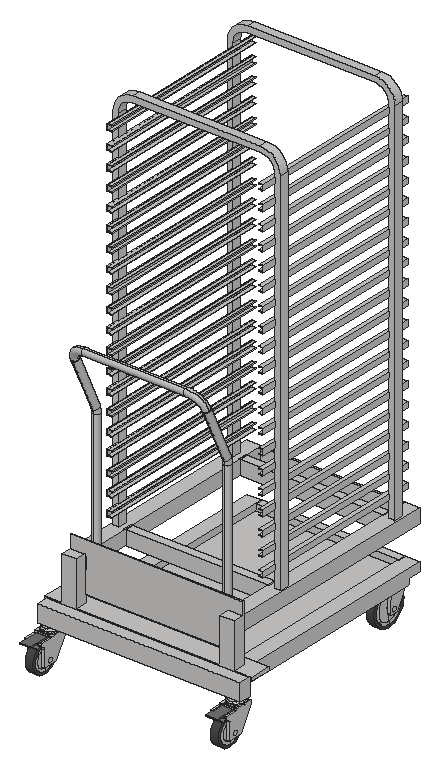
Revit family "QF_ELECTROLUXPROFESSIONAL_922757_TRRA202163C", category Specialty Equipment, Revit 2018
Family settings
  Round Connector Dimension = Use Diameter
  Part Type = Normal
  Work Plane-Based = No
  Always vertical = Yes
  Cut with Voids When Loaded = No
  Shared = No
  Room Calculation Point = No
Parameters (values of type "Standard")
  Weight = 62.00 kg
  Watts = 0 W
  Volts = 0 V
  URL Manufacturer = "http://professional.electrolux.com"
  URL = "http://professional.electrolux.com"
  Steam Supply Size = 0 mm
  Steam Supply Minimum Pressure = 0.0 Pa
  Steam Supply Maximum Pressure = 0.0 Pa
  Steam Pounds per Hour = 0
  Refrigeration Suction Line Size = 0 mm
  Refrigeration Liquid Line Size = 0 mm
  Refrigerant Compressor Remote = yes
  Manufacturer = "Electrolux Professional"
  Phase = 0
  Model = "TRRA202163C"
  Length Actual = 716.0 mm  # constant formula
  Item Number = "922757"
  Hot Water Size = 0 mm
  Height Actual = 1700.0 mm  # constant formula
  HP = "0 HP"
  Gas Size = 0 mm
  Gas KW = 0
  Gas Input Pressure = 0 W
  Description = "TROLLEY TRAY RACK 20 GN 2/1 - 63MM PITCH"
  Depth Actual = 926.0 mm  # constant formula
  Cycle = 0 Hz
  Condensate Return Size = 0 mm
  Compressed Air Volume = 0.0 L/s
  Compressed Air Size = 0 mm
  Compressed Air Pressure = 0.0 Pa
  Cold Water Size = 0 mm
  Accessory = yes
Reference planes
  plane 1 "Center (Front/Back)": y = 0
  plane 2: z = 0
  plane 3 "Center (Left/Right)": x = 0
  plane 4 "BASE": z = 125
  plane 5 "TOP": z = 1700
  plane 6 "FRONT": y = -505.5
  plane 7 "BACK": y = 423.5
  plane 8 "PLANE": z = 160
  plane 9 "Manopola": through (4267.2, -378.699, 929.588) normal (0, 0.9063, 0.4226)
  plane 10 "Accessorioes": z = 647
  plane 11: y = 414.5
  plane 12 "M1": y = 342.719
  plane 13 "M2": y = -151.123
  plane 14: z = 1052
  plane 15 "man1": x = -226.75
  plane 16 "man2": x = 226.25
  plane 17: y = -439.495
  plane 18: y = 341.505
  plane 19: x = -358
  plane 20: x = 358
Forms (mm)
  Sweep 1, solid, material "QF_Finishes_Stainless Steel"
    path origin (0, -51.81, 230.029) x (0, -0.422618, 0.906308) y (1, 0, 0)
      loop
        line (840.501, 226.25) -> (843.657, 226.25)
        arc (843.657, 226.25) -> (879.012, 211.605) -> (893.657, 176.25) r 50
        line (893.657, 176.25) -> (893.657, -176.75)
        arc (893.657, -176.75) -> (879.012, -212.105) -> (843.657, -226.75) r 50
        line (843.657, -226.75) -> (840.501, -226.75)
    profile origin (-0.25, -429.485, 1039.957) x (0, -0.422618, 0.906308) y (0, 0.906308, 0.422618)
      loop
        circle (0, -0.616) r 12
  Extrusion 2, solid, material "QF_Finishes_Stainless Steel"
    sketch origin (0, 0, 0) x (0, 1, 0) y (0, 0, 1)
      loop
        line (-375.959, 193.5) -> (-415.959, 193.5) -> (-415.959, 133.5) -> (-375.959, 133.5) -> (-375.959, 193.5)
    from -350 to 350
  Extrusion 3, solid, material "QF_Finishes_Stainless Steel"
    sketch origin (0, 0, 160) x (0, 1, 0) y (-1, 0, 0)
      loop
        line (-375.959, -297.5) -> (-335.959, -297.5) -> (-335.959, -247.5) -> (-375.959, -247.5) -> (-375.959, -297.5)
      loop
        line (-375.959, 297.5) -> (-375.959, 247.5) -> (-335.959, 247.5) -> (-335.959, 297.5) -> (-375.959, 297.5)
    from 21 to 188.703
  Extrusion 4, solid, material "QF_Finishes_Stainless Steel"
    sketch origin (0, 0, 160) x (0, 1, 0) y (-1, 0, 0)
      loop
        line (423.5, -246.5) -> (-334.855, -246.5) -> (-334.855, -297.522) -> (423.5, -297.522) -> (423.5, -246.5)
      loop
        line (423.5, 246.5) -> (423.5, 297.522) -> (-335.959, 297.522) -> (-335.959, 246.5) -> (423.5, 246.5)
    from 139.5 to 189.5
  Extrusion 5, solid, material "QF_Finishes_Stainless Steel"
    sketch origin (0, 0, 0) x (0, 1, 0) y (0, 0, 1)
      loop
        line (423.241, 150.5) -> (423.241, 181) -> (-375.959, 181) -> (-375.959, 129.5) -> (371.859, 129.5)
        spline (371.859, 129.5) -> (372.504, 129.543) -> (373.138, 129.671) -> (373.751, 129.881) -> (374.331, 130.171) -> (374.869, 130.535) -> (375.355, 130.967) -> (375.781, 131.459) -> (376.14, 132.004) -> (376.425, 132.591) -> (376.633, 133.211) -> (376.758, 133.853) -> (376.8, 134.506)
        line (376.8, 134.506) -> (376.8, 145.488)
        spline (376.8, 145.488) -> (376.84, 146.141) -> (376.965, 146.784) -> (377.172, 147.405) -> (377.458, 147.993) -> (377.816, 148.538) -> (378.243, 149.031) -> (378.729, 149.464) -> (379.267, 149.828) -> (379.847, 150.118) -> (380.46, 150.329) -> (381.095, 150.457) -> (381.741, 150.5)
        line (381.741, 150.5) -> (423.241, 150.5)
    from 297.522 to 247.5
  Extrusion 6, solid, material "QF_Finishes_Stainless Steel"
    sketch origin (0, 0, 0) x (0, 1, 0) y (0, 0, -1)
      loop
        line (423.241, -150.5) -> (381.741, -150.5)
        spline (381.741, -150.5) -> (381.095, -150.457) -> (380.46, -150.329) -> (379.847, -150.118) -> (379.267, -149.828) -> (378.729, -149.464) -> (378.243, -149.031) -> (377.816, -148.538) -> (377.458, -147.993) -> (377.172, -147.405) -> (376.965, -146.784) -> (376.84, -146.141) -> (376.8, -145.488)
        line (376.8, -145.488) -> (376.8, -134.506)
        spline (376.8, -134.506) -> (376.758, -133.853) -> (376.633, -133.211) -> (376.425, -132.591) -> (376.14, -132.004) -> (375.781, -131.459) -> (375.355, -130.967) -> (374.869, -130.535) -> (374.331, -130.171) -> (373.751, -129.881) -> (373.138, -129.671) -> (372.504, -129.543) -> (371.859, -129.5)
        line (371.859, -129.5) -> (-375.959, -129.5) -> (-375.959, -181) -> (423.241, -181) -> (423.241, -150.5)
    from 297.522 to 247.5
  Extrusion 7, solid, material "QF_Finishes_Stainless Steel"
    sketch origin (0, 0, 0) x (0, 1, 0) y (0, 0, 1)
      loop
        line (414.5, 299.5) -> (423.5, 299.5) -> (423.5, 349.5) -> (414.5, 349.5) -> (414.5, 299.5)
    from -246.5 to 246.5
  Extrusion 8, solid, material "QF_Finishes_Stainless Steel"
    sketch origin (0, 0, 0) x (0, 1, 0) y (0, 0, 1)
      loop
        line (-166.123, 299.5) -> (-136.123, 299.5) -> (-136.123, 349.5) -> (-166.123, 349.5) -> (-166.123, 299.5)
      loop
        line (357.719, 349.5) -> (327.719, 349.5) -> (327.719, 299.5) -> (357.719, 299.5) -> (357.719, 349.5)
    from -250.75 to 246.5
  Sweep 9, solid, material "QF_Finishes_Stainless Steel"
    path origin (-226.75, 0, 0) x (0, 1, 0) y (0, 0, 1)
      loop
        line (-407.579, 991.521) -> (-320.757, 805.332)
        arc (-320.757, 805.332) -> (-317.538, 795.848) -> (-316.447, 785.891) r 46
        line (-316.447, 785.891) -> (-316.447, 345.5)
    profile origin (-226.75, -364.168, 898.426) x (0, 0.906308, 0.422618) y (1, 0, 0)
      loop
        circle (0, 0) r 12
  Sweep 10, solid, material "QF_Finishes_Stainless Steel"
    path origin (226.25, 0, 0) x (0, 1, 0) y (0, 0, 1)
      loop
        line (-407.579, 991.521) -> (-320.757, 805.332)
        arc (-320.757, 805.332) -> (-317.538, 795.848) -> (-316.447, 785.891) r 46
        line (-316.447, 785.891) -> (-316.447, 299.5)
    profile origin (226.25, -364.168, 898.426) x (0, 0.906308, 0.422618) y (1, 0, 0)
      loop
        circle (0, 0) r 12
  Extrusion 11, solid, material "QF_Finishes_Stainless Steel"
    sketch origin (0, -3.54, 125) x (-1, 0, 0) y (0, -1, 0)
      loop
        line (297.729, 331.46) -> (297.729, 335.959) -> (-297.5, 335.959) -> (-297.5, 331.46) -> (297.729, 331.46)
    from 102.147 to 267.893
  Extrusion 12, solid, material "QF_Finishes_Stainless Steel"
    sketch origin (0, 0, 0) x (0, 1, 0) y (0, 0, 1)
      loop
        line (-331.381, 299.5) -> (-298.959, 299.5) -> (-298.959, 349.5) -> (-331.381, 349.5) -> (-331.381, 299.5)
    from -246.5 to 246.5
  Extrusion 13, solid, material "QF_Finishes_Stainless Steel"
    sketch origin (0, 0, 125) x (-1, 0, 0) y (0, -1, 0)
      loop
        line (247.5, -423.5) -> (247.5, 375.959) -> (-247.5, 375.959) -> (-247.5, -423.5) -> (247.5, -423.5)
    from 35 to 25.5
  Sweep 14, solid, material "QF_Finishes_Stainless Steel"
    path origin (0, 342.719, 0) x (0, 0, 1) y (-1, 0, 0)
      loop
        line (347.889, 279.647) -> (1630, 279.647)
        arc (1630, 279.647) -> (1672.426, 262.073) -> (1690, 219.647) r 60
        line (1690, 219.647) -> (1690, -219.168)
        arc (1690, -219.168) -> (1672.426, -261.594) -> (1630, -279.168) r 60
        line (1630, -279.168) -> (347.889, -279.168)
    profile origin (-0.24, 342.719, 1690) x (0, 0, 1) y (0, -1, 0)
      loop
        line (10, -14.995) -> (10, 14.995) -> (-10, 14.995) -> (-10, -14.995) -> (10, -14.995)
  Sweep 15, solid, material "QF_Finishes_Stainless Steel"
    path origin (0, -151.123, 0) x (0, 0, 1) y (-1, 0, 0)
      loop
        line (347.889, 279.647) -> (1630, 279.647)
        arc (1630, 279.647) -> (1672.426, 262.073) -> (1690, 219.647) r 60
        line (1690, 219.647) -> (1690, -219.168)
        arc (1690, -219.168) -> (1672.426, -261.594) -> (1630, -279.168) r 60
        line (1630, -279.168) -> (347.889, -279.168)
    profile origin (-0.24, -151.123, 1690) x (0, 0, 1) y (0, -1, 0)
      loop
        line (10, -14.995) -> (10, 14.995) -> (-10, 14.995) -> (-10, -14.995) -> (10, -14.995)
  Revolve 16, solid, material "QF_Finishes_Stainless Steel"
    sketch origin (0, 23.407, 0) x (0, 1, 0) y (0, 0, 1)
      loop
        line (94.159, 150.5) -> (72.905, 150.5) -> (72.905, 87.019) -> (85.159, 87.019) -> (85.159, 111.019) -> (94.159, 127.019) -> (94.159, 150.5)
      axis (72.905, 150.5) -> (72.905, 87.019)
    angle from 0 to 360
  Extrusion 17, solid, material "QF_Finishes_Stainless Steel"
    sketch origin (0, 93.949, 0) x (0, 1, 0) y (0, 0, 1)
      loop
        line (329.551, 160) -> (329.551, 181) -> (302.267, 181) -> (302.267, 160) -> (329.551, 160)
    from -246.5 to 246.5
  Extrusion 18, solid, material "QF_Finishes_Stainless Steel"
    sketch origin (0, 0, 0) x (0, 1, 0) y (0, 0, 1)
      loop
        line (-303.216, 195.424) -> (-375.959, 195.424) -> (-375.959, 185.203) -> (-303.216, 185.203) -> (-303.216, 195.424)
    from -358 to 358
  Extrusion 19, void
    sketch origin (0, 0, 125) x (-1, 0, 0) y (0, -1, 0)
      loop
        circle (0, -96.312) r 21.254
    from 25.5 to 87.797
Cuts and joins
  joined: Sweep 1, Sweep 9, Sweep 10
  Extrusion 19 cuts Revolve 16
  Extrusion 19 cuts Extrusion 13
  joined: Extrusion 3, Extrusion 5, Extrusion 6, Extrusion 11, Extrusion 13, Extrusion 17, Extrusion 18
Lines and regions (mm)
  symbolic lines
    curve 1: line (301, -471.06, 125) -> (291.478, -471.06, 125)
    curve 2: line (291.478, -471.06, 125) -> (291.478, -415.959, 125)
    curve 3: line (301, -417.738, 125) -> (301, -505.5, 125)
    curve 4: line (301, -505.5, 125) -> (339, -505.5, 125)
    curve 5: line (339, -505.5, 125) -> (339, -417.738, 125)
    curve 6: line (291.478, -430.06, 125) -> (348.522, -430.06, 125)
    curve 7: line (301, -435.203, 125) -> (339, -435.203, 125)
    curve 8: line (348.522, -433, 125) -> (351.97, -433, 125)
    curve 9: line (351.97, -433, 125) -> (351.97, -445.99, 125)
    curve 10: line (351.97, -445.99, 125) -> (348.522, -445.99, 125)
    curve 11: line (351.97, -439.495, 125) -> (348.522, -439.495, 125)
    curve 12: line (291.478, -433, 125) -> (288.03, -433, 125)
    curve 13: line (288.03, -433, 125) -> (288.03, -445.99, 125)
    curve 14: line (288.03, -445.99, 125) -> (291.478, -445.99, 125)
    curve 15: line (288.03, -439.495, 125) -> (291.478, -439.495, 125)
    curve 16: line (348.522, -375.959, 125) -> (348.522, -367.995, 125)
    curve 17: line (348.522, -367.995, 125) -> (297.522, -367.995, 125)
    curve 18: line (301, -367.995, 125) -> (301, -375.253, 125)
    curve 19: line (339, -367.995, 125) -> (339, -375.253, 125)
    curve 20: arc (339.762, -375.959, 125) -> (320, -367.995, 125) -> (300.238, -375.959, 125) r 28.5
    curve 21: arc (299.182, -415.959, 125) -> (320, -424.995, 125) -> (340.818, -415.959, 125) r 28.5
    curve 22: line (339, -471.215, 125) -> (348.522, -471.215, 125)
    curve 23: line (348.522, -471.215, 125) -> (348.522, -415.959, 125)
    curve 24: line (-301, -471.06, 125) -> (-291.478, -471.06, 125)
    curve 25: line (-291.478, -471.06, 125) -> (-291.478, -415.959, 125)
    curve 26: line (-301, -417.738, 125) -> (-301, -505.5, 125)
    curve 27: line (-301, -505.5, 125) -> (-339.229, -505.5, 125)
    curve 28: line (-339.229, -505.5, 125) -> (-339.229, -417.531, 125)
    curve 29: line (-291.478, -430.06, 125) -> (-348.751, -430.06, 125)
    curve 30: line (-301, -435.203, 125) -> (-339.229, -435.203, 125)
    curve 31: line (-348.751, -433, 125) -> (-352.199, -433, 125)
    curve 32: line (-352.199, -433, 125) -> (-352.199, -445.99, 125)
    curve 33: line (-352.199, -445.99, 125) -> (-348.751, -445.99, 125)
    curve 34: line (-352.199, -439.495, 125) -> (-348.751, -439.495, 125)
    curve 35: line (-291.478, -433, 125) -> (-288.03, -433, 125)
    curve 36: line (-288.03, -433, 125) -> (-288.03, -445.99, 125)
    curve 37: line (-288.03, -445.99, 125) -> (-291.478, -445.99, 125)
    curve 38: line (-288.03, -439.495, 125) -> (-291.478, -439.495, 125)
    curve 39: line (-348.751, -375.959, 125) -> (-348.751, -367.995, 125)
    curve 40: line (-348.751, -367.995, 125) -> (-297.5, -367.995, 125)
    curve 41: line (-301, -367.995, 125) -> (-301, -375.253, 125)
    curve 42: line (-339, -367.995, 125) -> (-339, -375.253, 125)
    curve 43: arc (-339.762, -375.959, 125) -> (-320, -367.995, 125) -> (-300.238, -375.959, 125) r 28.5
    curve 44: arc (-299.182, -415.959, 125) -> (-320, -424.995, 125) -> (-340.818, -415.959, 125) r 28.5
    curve 45: line (-339.229, -471.215, 125) -> (-348.751, -471.215, 125)
    curve 46: line (-348.751, -471.215, 125) -> (-348.751, -415.959, 125)
    curve 47: line (-350.229, -375.959, 125) -> (-238.74, -375.959, 125)
    curve 48: line (-350.229, -375.959, 125) -> (-350.229, -415.959, 125)
    curve 49: line (-350.229, -415.959, 125) -> (-237.551, -415.959, 125)
    curve 50: line (350, -375.959, 125) -> (238.74, -375.959, 125)
    curve 51: line (350, -375.959, 125) -> (350, -415.959, 125)
    curve 52: line (350, -415.959, 125) -> (237.551, -415.959, 125)
    curve 53: arc (-214.75, -316.986, 125) -> (-226.664, -304.93, 125) -> (-238.749, -316.815, 125) r 12
    curve 54: arc (214.251, -316.986, 125) -> (226.165, -304.93, 125) -> (238.25, -316.815, 125) r 12
    curve 55: line (-297.729, -339.499, 125) -> (-238.74, -339.499, 125)
    curve 56: line (246.5, -339.499, 125) -> (246.5, -166.118, 125)
    curve 57: line (-348.751, -375.959, 125) -> (-348.751, -367.995, 125)
    curve 58: line (-214.854, -375.959, 125) -> (214.528, -375.959, 125)
    curve 59: line (-214.854, -331.381, 125) -> (214.528, -331.381, 125)
    curve 60: line (-238.74, -331.381, 125) -> (-246.5, -331.381, 125)
    curve 61: line (238.217, -331.381, 125) -> (246.5, -331.381, 125)
    curve 62: line (-246.5, -335, 125) -> (-246.5, -166.118, 125)
    curve 63: line (289.168, -136.127, 125) -> (-289.647, -136.127, 125)
    curve 64: line (-289.647, -166.118, 125) -> (289.168, -166.118, 125)
    curve 65: line (289.168, 357.715, 125) -> (-289.647, 357.715, 125)
    curve 66: line (-289.647, 327.724, 125) -> (289.168, 327.724, 125)
    curve 67: line (-246.5, 414.5, 125) -> (246.5, 414.5, 125)
    curve 68: line (297, 423.5, 125) -> (-297, 423.5, 125)
    curve 69: line (-289.647, -166.118, 125) -> (-289.647, -136.127, 125)
    curve 70: line (-246.5, -136.127, 125) -> (-246.5, 327.724, 125)
    curve 71: line (-246.5, 357.715, 125) -> (-246.5, 423.5, 125)
    curve 72: line (246.5, -136.127, 125) -> (246.5, 327.724, 125)
    curve 73: line (246.5, 357.715, 125) -> (246.5, 423.5, 125)
    curve 74: line (246.5, -298.959, 125) -> (-246.5, -298.959, 125)
    curve 75: line (-297.522, 423.5, 125) -> (-297.522, -335.002, 125)
    curve 76: line (297.522, -375.959, 125) -> (297.522, 423.5, 125)
    curve 77: line (-297.729, -335, 125) -> (-297.729, -339.499, 125)
    curve 78: line (297.522, -335, 125) -> (238.217, -335, 125)
    curve 79: line (-297.5, -339.499, 125) -> (-297.5, -375.959, 125)
    curve 80: line (-247.5, -339.499, 125) -> (-247.5, -375.959, 125)
    curve 81: line (247.5, -339.499, 125) -> (247.5, -375.959, 125)
    curve 82: line (238.217, -339.499, 125) -> (297.522, -339.499, 125)
    curve 83: line (-238.722, -335, 125) -> (-297.729, -335, 125)
    curve 84: line (214.247, -335, 125) -> (-214.805, -335, 125)
    curve 85: line (-214.805, -339.499, 125) -> (214.247, -339.499, 125)
    curve 86: line (-269.647, -216.301, 125) -> (-269.647, -166.118, 125)
    curve 87: line (-255.258, -216.301, 125) -> (-255.258, -166.118, 125)
    curve 88: line (-253.658, -216.301, 125) -> (-253.658, -166.118, 125)
    curve 89: line (-253.658, 407.699, 125) -> (-269.647, 407.699, 125)
    curve 90: line (-269.647, -216.301, 125) -> (-253.658, -216.301, 125)
    curve 91: line (-269.647, 357.715, 125) -> (-269.647, 407.699, 125)
    curve 92: line (-253.658, 357.715, 125) -> (-253.658, 407.699, 125)
    curve 93: line (-255.258, 357.715, 125) -> (-255.258, 407.699, 125)
    curve 94: line (-269.647, -136.127, 125) -> (-269.647, 327.724, 125)
    curve 95: line (-255.258, -136.127, 125) -> (-255.258, 327.724, 125)
    curve 96: line (-253.658, -136.127, 125) -> (-253.658, 327.724, 125)
    curve 97: line (269.647, -216.301, 125) -> (269.647, -166.118, 125)
    curve 98: line (255.258, -216.301, 125) -> (255.258, -166.118, 125)
    curve 99: line (253.658, -216.301, 125) -> (253.658, -166.118, 125)
    curve 100: line (253.658, 407.699, 125) -> (269.647, 407.699, 125)
    curve 101: line (269.647, -216.301, 125) -> (253.658, -216.301, 125)
    curve 102: line (269.647, 357.715, 125) -> (269.647, 407.699, 125)
    curve 103: line (253.658, 357.715, 125) -> (253.658, 407.699, 125)
    curve 104: line (255.258, 357.715, 125) -> (255.258, 407.699, 125)
    curve 105: line (269.647, -136.127, 125) -> (269.647, 327.724, 125)
    curve 106: line (255.258, -136.127, 125) -> (255.258, 327.724, 125)
    curve 107: line (253.658, -136.127, 125) -> (253.658, 327.724, 125)
    curve 108: line (-289.647, 327.724, 125) -> (-289.647, 357.715, 125)
    curve 109: line (289.168, -166.118, 125) -> (289.168, -136.127, 125)
    curve 110: line (289.168, 327.724, 125) -> (289.168, 357.715, 125)
Dimensions and locks
  plane 4 "BASE" to level = 125.0 mm
  plane 5 "TOP" to level = 1700.0 mm  (x2)
  plane 7 "BACK" to plane 6 "FRONT" = 929.0 mm
  level to plane 5 "TOP" = 1700.0 mm
  plane 14 to level = 1052.0 mm
  plane 18 to plane 17 = 781.0 mm
  plane 19 to plane 20 = 716.0 mm
  equal spacing: plane 19, plane 3 "Center (Left/Right)", plane 20
  nested 2 to nested 4 = 488.0 mm
  nested 1 to nested 3 = 640.0 mm
  aligned and locked: level to plane 2
Automatic sketch dimensions
  curve 20 to curve 21 = 0.0 mm  (x2)
  curve 43 to curve 44 = 0.0 mm  (x2)
  curve 4 to plane 6 "FRONT" = 0.0 mm
  curve 76 to plane 7 "BACK" = 0.0 mm
  curve 68 to plane 7 "BACK" = 0.0 mm
  plane 11 to curve 67 = 0.0 mm
  curve 53 to plane 15 "man1" = 0.0 mm
  curve 75 to plane 7 "BACK" = 0.0 mm
  curve 26 to plane 6 "FRONT" = 0.0 mm
  plane 16 "man2" to curve 54 = 0.0 mm
  plane 16 "man2" to curve 99 = 27.408 mm
  plane 11 to curve 103 = 6.801 mm
  plane 16 "man2" to curve 103 = 27.408 mm
  curve 97 to curve 99 = 15.988 mm
  curve 100 to curve 100 = 15.988 mm
  plane 17 to curve 14 = 6.495 mm
  plane 16 "man2" to curve 14 = 61.78 mm
  plane 18 to curve 110 = 13.781 mm
  curve 110 to curve 102 = 19.521 mm
  curve 109 to curve 97 = 19.521 mm
  curve 2 to curve 13 = 3.448 mm
  curve 3 to curve 1 = 9.522 mm
  curve 20 to curve 3 = 19.0 mm
  curve 5 to plane 20 = 19.0 mm
  curve 23 to plane 20 = 9.478 mm
  curve 17 to plane 20 = 9.478 mm
  curve 50 to curve 16 = 1.478 mm
  curve 10 to curve 10 = 3.448 mm
  curve 90 to plane 15 "man1" = 26.908 mm
  plane 11 to curve 92 = 6.801 mm
  curve 92 to plane 15 "man1" = 26.908 mm
  curve 88 to curve 90 = 15.988 mm
  curve 89 to curve 89 = 15.988 mm
  plane 17 to curve 36 = 6.495 mm
  curve 36 to plane 15 "man1" = 61.28 mm
  curve 86 to curve 64 = 20.0 mm
  curve 91 to curve 65 = 20.0 mm
  curve 36 to curve 25 = 3.448 mm
  curve 77 to plane 19 = 60.271 mm
  curve 24 to curve 26 = 9.522 mm
  curve 26 to curve 44 = 19.0 mm
  curve 28 to plane 19 = 18.771 mm
  curve 46 to plane 19 = 9.249 mm
  curve 39 to plane 19 = 9.249 mm
  curve 46 to curve 49 = 1.478 mm
  curve 31 to curve 31 = 3.448 mm
  curve 108 to plane 12 "M1" = 14.995 mm
  curve 63 to plane 13 "M2" = 14.995 mm
  plane 13 "M2" to curve 64 = 14.995 mm
  curve 99 to curve 99 = 50.184 mm
  curve 86 to curve 90 = 50.184 mm
  curve 99 to curve 54 = 100.628 mm
  curve 88 to curve 53 = 100.628 mm
  curve 53 to curve 77 = 18.07 mm
  curve 77 to curve 55 = 4.499 mm
  curve 55 to curve 39 = 28.496 mm
  curve 16 to plane 17 = 71.5 mm
  curve 16 to curve 51 = 7.964 mm
  curve 39 to curve 47 = 7.964 mm
  curve 43 to curve 44 = 20.536 mm
  curve 20 to curve 21 = 20.536 mm
  curve 52 to plane 17 = 23.536 mm
  curve 49 to plane 17 = 23.536 mm
  curve 9 to plane 17 = 6.495 mm
  curve 12 to plane 17 = 6.495 mm
  curve 36 to plane 17 = 6.495 mm
  curve 31 to plane 17 = 6.495 mm
  plane 17 to curve 9 = 6.495 mm
  plane 17 to curve 33 = 6.495 mm
  curve 37 to curve 24 = 25.07 mm
  curve 14 to curve 1 = 25.07 mm
  curve 10 to curve 22 = 25.224 mm
  curve 33 to curve 45 = 25.224 mm
  plane 15 "man1" to curve 58 = 11.896 mm
  plane 15 "man1" to curve 59 = 11.896 mm
  curve 84 to curve 59 = 0.049 mm
  curve 85 to curve 84 = 0.0 mm
  plane 15 "man1" to curve 53 = 12.0 mm
  curve 85 to plane 16 "man2" = 12.003 mm
  curve 84 to curve 85 = 0.0 mm
  curve 54 to plane 16 "man2" = 11.999 mm
  curve 58 to plane 16 "man2" = 11.722 mm
  curve 59 to curve 84 = 0.281 mm
  plane 16 "man2" to curve 52 = 11.301 mm
  plane 16 "man2" to curve 78 = 11.967 mm
  curve 82 to curve 78 = 0.0 mm
  curve 61 to curve 78 = 0.0 mm
  plane 16 "man2" to curve 54 = 12.0 mm
  plane 16 "man2" to curve 50 = 12.49 mm
  curve 56 to curve 82 = 8.283 mm
  curve 100 to curve 67 = 7.158 mm
  plane 16 "man2" to curve 72 = 20.25 mm
  curve 81 to curve 50 = 8.76 mm
  curve 107 to curve 72 = 7.158 mm
  curve 104 to curve 103 = 1.599 mm
  curve 98 to curve 99 = 1.599 mm
  curve 106 to curve 107 = 1.599 mm
  curve 105 to curve 106 = 14.389 mm
  curve 68 to curve 100 = 27.353 mm
  curve 82 to curve 81 = 50.022 mm
  curve 3 to curve 21 = 1.818 mm
  curve 20 to curve 76 = 2.716 mm
  curve 18 to curve 20 = 0.762 mm
  curve 20 to curve 19 = 0.762 mm
  curve 49 to plane 15 "man1" = 10.801 mm
  curve 83 to plane 15 "man1" = 11.972 mm
  curve 47 to plane 15 "man1" = 11.99 mm
  curve 83 to curve 60 = 0.018 mm
  curve 83 to curve 55 = 0.018 mm
  curve 53 to plane 15 "man1" = 11.999 mm
  curve 67 to curve 89 = 7.158 mm
  curve 60 to curve 60 = 7.76 mm
  curve 70 to plane 15 "man1" = 19.75 mm
  curve 62 to curve 80 = 1.0 mm
  curve 70 to curve 96 = 7.158 mm
  curve 89 to curve 93 = 1.599 mm
  curve 96 to curve 95 = 1.599 mm
  curve 88 to curve 87 = 1.599 mm
  curve 95 to curve 94 = 14.389 mm
  curve 89 to curve 68 = 27.353 mm
  curve 79 to curve 43 = 22.5 mm
  curve 75 to curve 77 = 0.207 mm
  curve 44 to curve 26 = 1.818 mm
  curve 79 to curve 43 = 2.738 mm
  curve 40 to curve 41 = 3.5 mm
  curve 42 to curve 43 = 0.762 mm
  curve 74 to curve 54 = 17.971 mm
  curve 54 to curve 54 = 0.115 mm
  curve 53 to curve 53 = 0.115 mm
  curve 60 to curve 62 = 3.619 mm
  curve 54 to curve 59 = 14.395 mm
  curve 54 to curve 61 = 14.566 mm
  curve 78 to curve 17 = 32.995 mm
  curve 59 to curve 84 = 3.619 mm
  curve 77 to curve 75 = 0.002 mm
  curve 78 to curve 82 = 4.499 mm
  curve 84 to curve 85 = 4.499 mm
  curve 55 to curve 79 = 0.0 mm
  curve 47 to curve 58 = 0.0 mm
  curve 29 to curve 35 = 2.94 mm
  curve 6 to curve 8 = 2.94 mm
  curve 30 to plane 17 = 4.292 mm
  curve 7 to plane 17 = 4.292 mm
  curve 34 to plane 17 = 0.0 mm
  curve 11 to plane 17 = 0.0 mm
  curve 15 to plane 17 = 0.0 mm
  curve 38 to plane 17 = 0.0 mm
  Sweep 1 sketch curve to plane 16 "man2" = 0.0 mm
  Sweep 1 sketch curve to plane 15 "man1" = 0.0 mm
  Sweep 1 sketch curve to Sweep 1 sketch curve = 0.0 mm
  Sweep 1 sketch curve to Sweep 1 sketch curve = 50.0 mm
  Sweep 1 sketch curve to Sweep 1 sketch curve = 3.156 mm  (x2)
  Sweep 1 sketch curve to plane 9 "Manopola" = 0.0 mm
  profile plane to Sweep 1 sketch curve = 0.0 mm
  Extrusion 2 sketch curve to plane 17 = 23.536 mm
  plane 4 "BASE" to Extrusion 2 sketch curve = 8.5 mm
  Extrusion 2 sketch curve to Extrusion 2 sketch curve = 40.0 mm
  plane 8 "PLANE" to Extrusion 2 sketch curve = 33.5 mm
  Extrusion 3 sketch curve to plane 17 = 63.536 mm  (x2)
  Extrusion 3 sketch curve to plane 15 "man1" = 20.75 mm
  Extrusion 3 sketch curve to Extrusion 3 sketch curve = 40.0 mm  (x2)
  plane 16 "man2" to Extrusion 3 sketch curve = 21.25 mm
  Extrusion 3 sketch curve to Extrusion 3 sketch curve = 50.0 mm  (x2)
  Extrusion 4 sketch curve to plane 7 "BACK" = 0.0 mm  (x2)
  Extrusion 4 sketch curve to plane 17 = 104.64 mm
  Extrusion 4 sketch curve to plane 17 = 103.536 mm
  Extrusion 4 sketch curve to plane 20 = 60.478 mm
  plane 16 "man2" to Extrusion 4 sketch curve = 20.25 mm
  Extrusion 4 sketch curve to plane 15 "man1" = 19.75 mm
  Extrusion 4 sketch curve to Extrusion 4 sketch curve = 51.022 mm
  plane 8 "PLANE" to Extrusion 5 sketch curve = 21.0 mm
  Extrusion 5 sketch curve to plane 17 = 63.536 mm
  plane 4 "BASE" to Extrusion 5 sketch curve = 4.5 mm
  Extrusion 5 sketch curve to plane 12 "M1" = 29.139 mm
  Extrusion 5 sketch curve to Extrusion 5 sketch curve = 4.941 mm  (x2)
  Extrusion 5 sketch curve to plane 7 "BACK" = 0.259 mm
  Extrusion 5 sketch curve to Extrusion 5 sketch curve = 5.006 mm
  Extrusion 5 sketch curve to Extrusion 5 sketch curve = 10.981 mm
  Extrusion 5 sketch curve to plane 8 "PLANE" = 9.5 mm
  Extrusion 5 sketch curve to Extrusion 5 sketch curve = 0.0 mm
  Extrusion 5 sketch curve to Extrusion 5 sketch curve = 0.006 mm
  Extrusion 5 sketch curve to Extrusion 5 sketch curve = 4.988 mm
  Extrusion 5 sketch curve to Extrusion 5 sketch curve = 0.012 mm
  plane 8 "PLANE" to Extrusion 6 sketch curve = 21.0 mm
  Extrusion 6 sketch curve to plane 17 = 63.536 mm
  plane 4 "BASE" to Extrusion 6 sketch curve = 4.5 mm
  Extrusion 6 sketch curve to plane 12 "M1" = 29.139 mm
  Extrusion 6 sketch curve to Extrusion 6 sketch curve = 4.941 mm  (x2)
  Extrusion 6 sketch curve to plane 7 "BACK" = 0.259 mm
  Extrusion 6 sketch curve to plane 8 "PLANE" = 9.5 mm
  Extrusion 6 sketch curve to Extrusion 6 sketch curve = 5.012 mm
  Extrusion 6 sketch curve to Extrusion 6 sketch curve = 5.006 mm
  Extrusion 6 sketch curve to Extrusion 6 sketch curve = 0.0 mm  (x2)
  Extrusion 6 sketch curve to Extrusion 6 sketch curve = 0.012 mm
  Extrusion 6 sketch curve to Extrusion 6 sketch curve = 0.006 mm
  Extrusion 7 sketch curve to plane 11 = 0.0 mm
  Extrusion 7 sketch curve to plane 7 "BACK" = 0.0 mm
  plane 8 "PLANE" to Extrusion 7 sketch curve = 139.5 mm
  Extrusion 7 sketch curve to Extrusion 7 sketch curve = 50.0 mm
  plane 13 "M2" to Extrusion 8 sketch curve = 15.0 mm
  Extrusion 8 sketch curve to plane 13 "M2" = 15.0 mm
  plane 18 to Extrusion 8 sketch curve = 13.786 mm
  Extrusion 8 sketch curve to plane 12 "M1" = 15.0 mm
  plane 8 "PLANE" to Extrusion 8 sketch curve = 139.5 mm  (x2)
  Extrusion 8 sketch curve to Extrusion 8 sketch curve = 50.0 mm  (x2)
  Sweep 9 sketch curve to plane 9 "Manopola" = 0.0 mm  (x2)
  Sweep 9 sketch curve to plane 17 = 77.048 mm
  Sweep 9 sketch curve to Sweep 9 sketch curve = 41.69 mm
  Sweep 9 sketch curve to Sweep 9 sketch curve = 4.31 mm
  Sweep 9 sketch curve to plane 17 = 31.916 mm
  plane 8 "PLANE" to Sweep 9 sketch curve = 185.5 mm
  Sweep 9 sketch curve to profile plane = 0.0 mm  (x2)
  Sweep 10 sketch curve to plane 9 "Manopola" = 0.0 mm  (x2)
  Sweep 10 sketch curve to plane 17 = 77.048 mm
  Sweep 10 sketch curve to Sweep 10 sketch curve = 41.69 mm
  Sweep 10 sketch curve to Sweep 10 sketch curve = 4.31 mm
  Sweep 10 sketch curve to plane 17 = 31.916 mm
  plane 8 "PLANE" to Sweep 10 sketch curve = 139.5 mm
  Sweep 10 sketch curve to plane 16 "man2" = 0.0 mm
  Sweep 10 sketch curve to profile plane = 0.0 mm
  Extrusion 11 sketch curve to plane 20 = 60.5 mm
  Extrusion 11 sketch curve to plane 19 = 60.271 mm
  Extrusion 11 sketch curve to plane 17 = 104.495 mm
  Extrusion 11 sketch curve to Extrusion 11 sketch curve = 4.499 mm
  Extrusion 12 sketch curve to plane 17 = 108.114 mm
  Extrusion 12 sketch curve to Extrusion 12 sketch curve = 32.422 mm
  plane 8 "PLANE" to Extrusion 12 sketch curve = 139.5 mm
  Extrusion 12 sketch curve to Extrusion 12 sketch curve = 50.0 mm
  Extrusion 13 sketch curve to plane 7 "BACK" = 0.0 mm
  plane 16 "man2" to Extrusion 13 sketch curve = 21.25 mm
  Extrusion 13 sketch curve to plane 15 "man1" = 20.75 mm
  Extrusion 13 sketch curve to plane 17 = 63.536 mm
  Sweep 14 sketch curve to plane 5 "TOP" = 70.0 mm  (x2)
  Sweep 14 sketch curve to plane 5 "TOP" = 10.0 mm
  plane 16 "man2" to Sweep 14 sketch curve = 52.918 mm
  plane 15 "man1" to Sweep 14 sketch curve = 7.103 mm
  plane 8 "PLANE" to Sweep 14 sketch curve = 187.889 mm  (x2)
  profile plane to Sweep 14 sketch curve = 10.0 mm
  Sweep 14 sketch curve to profile plane = 10.0 mm
  Sweep 14 sketch curve to plane 12 "M1" = 14.995 mm
  plane 12 "M1" to Sweep 14 sketch curve = 14.995 mm
  Sweep 15 sketch curve to plane 5 "TOP" = 70.0 mm  (x2)
  Sweep 15 sketch curve to plane 5 "TOP" = 10.0 mm
  plane 16 "man2" to Sweep 15 sketch curve = 52.918 mm
  plane 15 "man1" to Sweep 15 sketch curve = 7.103 mm
  plane 8 "PLANE" to Sweep 15 sketch curve = 187.889 mm  (x2)
  profile plane to Sweep 15 sketch curve = 10.0 mm
  Sweep 15 sketch curve to profile plane = 10.0 mm
  Sweep 15 sketch curve to plane 13 "M2" = 14.995 mm
  plane 13 "M2" to Sweep 15 sketch curve = 14.995 mm
  Revolve 16 sketch curve to plane 8 "PLANE" = 9.5 mm
  Revolve 16 sketch curve to plane 1 "Center (Front/Back)" = 96.312 mm
  Revolve 16 sketch curve to Revolve 16 sketch curve = 12.254 mm
  plane 4 "BASE" to Revolve 16 sketch curve = 2.019 mm
  Revolve 16 sketch curve to Revolve 16 sketch curve = 9.0 mm
  Revolve 16 sketch curve to plane 4 "BASE" = 13.981 mm
  Revolve 16 sketch curve to Revolve 16 sketch curve = 24.0 mm
  Revolve 16 sketch curve to Revolve 16 sketch curve = 0.0 mm
  Revolve 16 sketch curve to Revolve 16 sketch curve = 24.577 mm
  Revolve 16 sketch curve to Revolve 16 sketch curve = 5.5 mm
  Extrusion 17 sketch curve to plane 8 "PLANE" = 0.0 mm
  Extrusion 17 sketch curve to plane 7 "BACK" = 0.0 mm
  plane 11 to Extrusion 17 sketch curve = 18.284 mm
  plane 8 "PLANE" to Extrusion 17 sketch curve = 21.0 mm
  Extrusion 18 sketch curve to plane 17 = 63.536 mm
  plane 8 "PLANE" to Extrusion 18 sketch curve = 25.203 mm
  Extrusion 18 sketch curve to Extrusion 18 sketch curve = 72.744 mm
  Extrusion 18 sketch curve to Extrusion 18 sketch curve = 10.22 mm
  Extrusion 19 sketch curve to plane 3 "Center (Left/Right)" = 0.0 mm
  Extrusion 19 sketch curve to plane 1 "Center (Front/Back)" = 96.312 mm
  radius of Sweep 1 sketch curve = 12.0 mm
  radius of Sweep 9 sketch curve = 12.0 mm
  radius of Sweep 10 sketch curve = 12.0 mm
  radius of Extrusion 19 sketch curve = 21.254 mm
Nested families
  nested 1: "COOKCHILL_WHEEL125_LOCKED" at (320, -383.845, 0) x (-1, 0, 0) z (0, 0, 1), type "COOKCHILL_WHEEL125_LOCKED"
    with Type Mark "", Status "", Specification by User "", Revision Code "", Item Number "", Installed By "", Identify Quantity as Lot yes, Furnished By "", Foodservice Equipment Identifier yes
  nested 2: "COOKCHILL_WHEEL125" at (243.852, 397.155, 0) x (-1, 0, 0) z (0, 0, 1), type "COOKCHILL_WHEEL125"
    with Type Mark "", Status "", Specification by User "", Revision Code "", Item Number "", Installed By "", Identify Quantity as Lot yes, Furnished By "", Foodservice Equipment Identifier yes
  nested 3: "COOKCHILL_WHEEL125_LOCKED" at (-320, -383.845, 0), type "COOKCHILL_WHEEL125_LOCKED"
    with Type Mark "", Status "", Specification by User "", Revision Code "", Item Number "", Installed By "", Identify Quantity as Lot yes, Furnished By "", Foodservice Equipment Identifier yes
  nested 4: "COOKCHILL_WHEEL125" at (-244.148, 397.155, 0), type "COOKCHILL_WHEEL125"
    with Type Mark "", Status "", Specification by User "", Revision Code "", Item Number "", Installed By "", Identify Quantity as Lot yes, Furnished By "", Foodservice Equipment Identifier yes
  nested 5: "QF_ELECTROLUXPROFESSIONAL_92275x_624_PROFILE" at (-269.647, 95.699, 1.499), type "QF_ELECTROLUXPROFESSIONAL_92275x_624_PROFILE"
  nested 6: "QF_ELECTROLUXPROFESSIONAL_92275x_624_PROFILE" at (269.647, 95.699, 1.499) x (-1, 0, 0) z (0, 0, 1), type "QF_ELECTROLUXPROFESSIONAL_92275x_624_PROFILE"
  nested 7: "QF_ELECTROLUXPROFESSIONAL_92275x_624_PROFILE" at (-269.647, 95.699, -61.481), type "QF_ELECTROLUXPROFESSIONAL_92275x_624_PROFILE"
  nested 8: "QF_ELECTROLUXPROFESSIONAL_92275x_624_PROFILE" at (269.647, 95.699, -61.481) x (-1, 0, 0) z (0, 0, 1), type "QF_ELECTROLUXPROFESSIONAL_92275x_624_PROFILE"
  nested 9: "QF_ELECTROLUXPROFESSIONAL_92275x_624_PROFILE" at (-269.647, 95.699, -124.461), type "QF_ELECTROLUXPROFESSIONAL_92275x_624_PROFILE"
  nested 10: "QF_ELECTROLUXPROFESSIONAL_92275x_624_PROFILE" at (269.647, 95.699, -124.461) x (-1, 0, 0) z (0, 0, 1), type "QF_ELECTROLUXPROFESSIONAL_92275x_624_PROFILE"
  nested 11: "QF_ELECTROLUXPROFESSIONAL_92275x_624_PROFILE" at (-269.647, 95.699, -187.44), type "QF_ELECTROLUXPROFESSIONAL_92275x_624_PROFILE"
  nested 12: "QF_ELECTROLUXPROFESSIONAL_92275x_624_PROFILE" at (269.647, 95.699, -187.44) x (-1, 0, 0) z (0, 0, 1), type "QF_ELECTROLUXPROFESSIONAL_92275x_624_PROFILE"
  nested 13: "QF_ELECTROLUXPROFESSIONAL_92275x_624_PROFILE" at (-269.647, 95.699, -250.42), type "QF_ELECTROLUXPROFESSIONAL_92275x_624_PROFILE"
  nested 14: "QF_ELECTROLUXPROFESSIONAL_92275x_624_PROFILE" at (269.647, 95.699, -250.42) x (-1, 0, 0) z (0, 0, 1), type "QF_ELECTROLUXPROFESSIONAL_92275x_624_PROFILE"
  nested 15: "QF_ELECTROLUXPROFESSIONAL_92275x_624_PROFILE" at (-269.647, 95.699, -313.4), type "QF_ELECTROLUXPROFESSIONAL_92275x_624_PROFILE"
  nested 16: "QF_ELECTROLUXPROFESSIONAL_92275x_624_PROFILE" at (269.647, 95.699, -313.4) x (-1, 0, 0) z (0, 0, 1), type "QF_ELECTROLUXPROFESSIONAL_92275x_624_PROFILE"
  nested 17: "QF_ELECTROLUXPROFESSIONAL_92275x_624_PROFILE" at (-269.647, 95.699, -376.38), type "QF_ELECTROLUXPROFESSIONAL_92275x_624_PROFILE"
  nested 18: "QF_ELECTROLUXPROFESSIONAL_92275x_624_PROFILE" at (269.647, 95.699, -376.38) x (-1, 0, 0) z (0, 0, 1), type "QF_ELECTROLUXPROFESSIONAL_92275x_624_PROFILE"
  nested 19: "QF_ELECTROLUXPROFESSIONAL_92275x_624_PROFILE" at (-269.647, 95.699, -439.36), type "QF_ELECTROLUXPROFESSIONAL_92275x_624_PROFILE"
  nested 20: "QF_ELECTROLUXPROFESSIONAL_92275x_624_PROFILE" at (269.647, 95.699, -439.36) x (-1, 0, 0) z (0, 0, 1), type "QF_ELECTROLUXPROFESSIONAL_92275x_624_PROFILE"
  nested 21: "QF_ELECTROLUXPROFESSIONAL_92275x_624_PROFILE" at (-269.647, 95.699, -502.339), type "QF_ELECTROLUXPROFESSIONAL_92275x_624_PROFILE"
  nested 22: "QF_ELECTROLUXPROFESSIONAL_92275x_624_PROFILE" at (269.647, 95.699, -502.339) x (-1, 0, 0) z (0, 0, 1), type "QF_ELECTROLUXPROFESSIONAL_92275x_624_PROFILE"
  nested 23: "QF_ELECTROLUXPROFESSIONAL_92275x_624_PROFILE" at (-269.647, 95.699, -565.319), type "QF_ELECTROLUXPROFESSIONAL_92275x_624_PROFILE"
  nested 24: "QF_ELECTROLUXPROFESSIONAL_92275x_624_PROFILE" at (269.647, 95.699, -565.319) x (-1, 0, 0) z (0, 0, 1), type "QF_ELECTROLUXPROFESSIONAL_92275x_624_PROFILE"
  nested 25: "QF_ELECTROLUXPROFESSIONAL_92275x_624_PROFILE" at (-269.647, 95.699, -628.299), type "QF_ELECTROLUXPROFESSIONAL_92275x_624_PROFILE"
  nested 26: "QF_ELECTROLUXPROFESSIONAL_92275x_624_PROFILE" at (269.647, 95.699, -628.299) x (-1, 0, 0) z (0, 0, 1), type "QF_ELECTROLUXPROFESSIONAL_92275x_624_PROFILE"
  nested 27: "QF_ELECTROLUXPROFESSIONAL_92275x_624_PROFILE" at (-269.647, 95.699, -691.279), type "QF_ELECTROLUXPROFESSIONAL_92275x_624_PROFILE"
  nested 28: "QF_ELECTROLUXPROFESSIONAL_92275x_624_PROFILE" at (269.647, 95.699, -691.279) x (-1, 0, 0) z (0, 0, 1), type "QF_ELECTROLUXPROFESSIONAL_92275x_624_PROFILE"
  nested 29: "QF_ELECTROLUXPROFESSIONAL_92275x_624_PROFILE" at (-269.647, 95.699, -754.259), type "QF_ELECTROLUXPROFESSIONAL_92275x_624_PROFILE"
  nested 30: "QF_ELECTROLUXPROFESSIONAL_92275x_624_PROFILE" at (269.647, 95.699, -754.259) x (-1, 0, 0) z (0, 0, 1), type "QF_ELECTROLUXPROFESSIONAL_92275x_624_PROFILE"
  nested 31: "QF_ELECTROLUXPROFESSIONAL_92275x_624_PROFILE" at (-269.647, 95.699, -817.239), type "QF_ELECTROLUXPROFESSIONAL_92275x_624_PROFILE"
  nested 32: "QF_ELECTROLUXPROFESSIONAL_92275x_624_PROFILE" at (269.647, 95.699, -817.239) x (-1, 0, 0) z (0, 0, 1), type "QF_ELECTROLUXPROFESSIONAL_92275x_624_PROFILE"
  nested 33: "QF_ELECTROLUXPROFESSIONAL_92275x_624_PROFILE" at (-269.647, 95.699, -880.219), type "QF_ELECTROLUXPROFESSIONAL_92275x_624_PROFILE"
  nested 34: "QF_ELECTROLUXPROFESSIONAL_92275x_624_PROFILE" at (269.647, 95.699, -880.219) x (-1, 0, 0) z (0, 0, 1), type "QF_ELECTROLUXPROFESSIONAL_92275x_624_PROFILE"
  nested 35: "QF_ELECTROLUXPROFESSIONAL_92275x_624_PROFILE" at (-269.647, 95.699, -943.198), type "QF_ELECTROLUXPROFESSIONAL_92275x_624_PROFILE"
  nested 36: "QF_ELECTROLUXPROFESSIONAL_92275x_624_PROFILE" at (269.647, 95.699, -943.198) x (-1, 0, 0) z (0, 0, 1), type "QF_ELECTROLUXPROFESSIONAL_92275x_624_PROFILE"
  nested 37: "QF_ELECTROLUXPROFESSIONAL_92275x_624_PROFILE" at (-269.647, 95.699, -1006.178), type "QF_ELECTROLUXPROFESSIONAL_92275x_624_PROFILE"
  nested 38: "QF_ELECTROLUXPROFESSIONAL_92275x_624_PROFILE" at (269.647, 95.699, -1006.178) x (-1, 0, 0) z (0, 0, 1), type "QF_ELECTROLUXPROFESSIONAL_92275x_624_PROFILE"
  nested 39: "QF_ELECTROLUXPROFESSIONAL_92275x_624_PROFILE" at (-269.647, 95.699, -1069.158), type "QF_ELECTROLUXPROFESSIONAL_92275x_624_PROFILE"
  nested 40: "QF_ELECTROLUXPROFESSIONAL_92275x_624_PROFILE" at (269.647, 95.699, -1069.158) x (-1, 0, 0) z (0, 0, 1), type "QF_ELECTROLUXPROFESSIONAL_92275x_624_PROFILE"
  nested 41: "QF_ELECTROLUXPROFESSIONAL_92275x_624_PROFILE" at (-269.647, 95.699, -1132.137), type "QF_ELECTROLUXPROFESSIONAL_92275x_624_PROFILE"
  nested 42: "QF_ELECTROLUXPROFESSIONAL_92275x_624_PROFILE" at (269.647, 95.699, -1132.137) x (-1, 0, 0) z (0, 0, 1), type "QF_ELECTROLUXPROFESSIONAL_92275x_624_PROFILE"
  nested 43: "QF_ELECTROLUXPROFESSIONAL_92275x_624_PROFILE" at (-269.647, 95.699, -1195.118), type "QF_ELECTROLUXPROFESSIONAL_92275x_624_PROFILE"
  nested 44: "QF_ELECTROLUXPROFESSIONAL_92275x_624_PROFILE" at (269.647, 95.699, -1195.118) x (-1, 0, 0) z (0, 0, 1), type "QF_ELECTROLUXPROFESSIONAL_92275x_624_PROFILE"
Definition of nested family "COOKCHILL_WHEEL125_LOCKED"
  Parameters
    Weight = ""
    URL Manufacturer = ""
    URL Cutsheet = ""
    URL = ""
    Type Mark [instance] = ""
    Status [instance] = ""
    Specification by User [instance] = ""
    Specification by Manufacturer = ""
    Serial Number = ""
    Seismic Rating = ""
    SMACNA No = ""
    Revision Code [instance] = ""
    Omniclass Number and Title = ""
    NAFEM Spec ID Number = ""
    Model = ""
    MasterSpec. = ""
    Manufacturer = ""
    Item Number [instance] = ""
    Installed By [instance] = ""
    Identify Quantity as Lot [instance] = yes
    Furnished By [instance] = ""
    Foodservice Equipment Identifier [instance] = yes
    Description = ""
    CSI MasterFormat = ""
    CSI Master Format = ""
    Assembly Code = ""
  Reference planes
    plane 1: z = 0
    plane 2 "Center (Left/Right)": x = 0
    plane 3 "Center (Front/Back)": y = -12.65
    plane 4 "TOP": z = 132
    plane 5 "WheelAxe": y = -55.65
  Forms (mm)
    Revolve 1, solid
      sketch origin (46.04, -55.65, -25.504) x (-1, 0, 0) y (0, 0, 1)
        loop
          line (27.04, 75.504) -> (27.04, 69.833) -> (35.895, 69.833) -> (35.895, 43.185) -> (32.723, 43.185) -> (32.723, 35.185) -> (59.358, 35.185) -> (59.358, 43.185) -> (56.186, 43.185) -> (56.186, 69.833) -> (65.04, 69.833) -> (65.04, 75.504) -> (27.04, 75.504)
        axis (27.04, 75.504) -> (65.04, 75.504)
      angle from 0 to 360
    Extrusion 2, solid
      sketch origin (0, 0, 0) x (0, 1, 0) y (0, 0, 1)
        loop
          circle (-55.65, 50) r 2.845
        loop
          arc (-87.369, 104.232) -> (-80.643, 97.91) -> (-75.369, 90.335) r 44.417
          line (-75.369, 90.335) -> (-75.369, 33) -> (-27.726, 33) -> (14.85, 106.744) -> (15.85, 118) -> (-46.215, 118) -> (-46.215, 113) -> (-87.369, 113) -> (-87.369, 104.232)
      from 28.522 to 19
    Revolve 3, solid
      sketch origin (0, -12.65, 0) x (1, 0, 0) y (0, 0, 1)
        loop
          line (0, 132) -> (-20.058, 132)
          arc (-20.058, 132) -> (-22.595, 131.3) -> (-24.425, 129.41) r 5
          line (-24.425, 129.41) -> (-27.881, 123.125)
          arc (-27.881, 123.125) -> (-28.343, 121.96) -> (-28.5, 120.716) r 5
          line (-28.5, 120.716) -> (-28.5, 118) -> (0, 118) -> (0, 132)
        axis (0, 132) -> (0, 118)
      angle from 0 to 360
    Revolve 4, solid
      sketch origin (46.04, -55.65, -25.504) x (-1, 0, 0) y (0, 0, 1)
        loop
          line (59.358, 25.504) -> (59.358, 35.185) -> (32.723, 35.185) -> (32.723, 25.504) -> (59.358, 25.504)
        axis (32.723, 75.504) -> (59.358, 75.504)
      angle from 0 to 360
    Extrusion 5, solid
      sketch origin (0, 0, 0) x (0, 1, 0) y (0, 0, 1)
        loop
          circle (-55.65, 50) r 2.845
        loop
          arc (-87.369, 104.232) -> (-80.643, 97.91) -> (-75.369, 90.335) r 44.417
          line (-75.369, 90.335) -> (-75.369, 33) -> (-27.726, 33) -> (14.85, 106.744) -> (15.85, 118) -> (-46.215, 118) -> (-46.215, 113) -> (-87.369, 113) -> (-87.369, 104.232)
      from -28.522 to -19
    Extrusion 6, solid
      sketch origin (0, 0, 0) x (0, 1, 0) y (0, 0, 1)
        loop
          line (15.85, 118) -> (-46.215, 118) -> (-46.215, 113) -> (15.406, 113) -> (15.85, 118)
      from -19 to 19
    Extrusion 7, solid
      sketch origin (0, 0, 0) x (0, 1, 0) y (0, 0, 1)
        loop
          line (-62.145, 53.75) -> (-62.145, 46.25) -> (-55.65, 42.5) -> (-49.154, 46.25) -> (-49.154, 53.75) -> (-55.65, 57.5) -> (-62.145, 53.75)
      from -28.522 to -31.97
    Extrusion 8, solid
      sketch origin (0, 0, 0) x (0, 1, 0) y (0, 0, -1)
        loop
          line (-62.145, -53.75) -> (-55.65, -57.5) -> (-49.154, -53.75) -> (-49.154, -46.25) -> (-55.65, -42.5) -> (-62.145, -46.25) -> (-62.145, -53.75)
      from -28.522 to -31.97
    Extrusion 9, solid
      sketch origin (0, 0, 0) x (0, 1, 0) y (0, 0, 1)
        loop
          line (-51.358, 116) -> (-121.655, 116) -> (-121.655, 113) -> (-87.215, 113) -> (-80.875, 99.405) -> (-90.782, 92.468) -> (-89.625, 90.816) -> (-73.909, 101.821) -> (-51.358, 101.821) -> (-51.358, 116)
      from -19 to 19
  Dimensions and locks
    plane 4 "TOP" to level = 132.0 mm  (x2)
    aligned and locked: level to plane 1
Definition of nested family "COOKCHILL_WHEEL125"
  Parameters
    Weight = ""
    URL Manufacturer = ""
    URL Cutsheet = ""
    URL = ""
    Type Mark [instance] = ""
    Status [instance] = ""
    Specification by User [instance] = ""
    Specification by Manufacturer = ""
    Serial Number = ""
    Seismic Rating = ""
    SMACNA No = ""
    Revision Code [instance] = ""
    Omniclass Number and Title = ""
    NAFEM Spec ID Number = ""
    Model = ""
    MasterSpec. = ""
    Manufacturer = ""
    Item Number [instance] = ""
    Installed By [instance] = ""
    Identify Quantity as Lot [instance] = yes
    Furnished By [instance] = ""
    Foodservice Equipment Identifier [instance] = yes
    Description = ""
    CSI MasterFormat = ""
    CSI Master Format = ""
    Assembly Code = ""
  Reference planes
    plane 1: z = 0
    plane 2 "Center (Left/Right)": x = 0
    plane 3 "Center (Front/Back)": y = -12.65
    plane 4 "TOP": z = 132
    plane 5 "WheelAxe": y = -55.65
  Forms (mm)
    Revolve 1, solid
      sketch origin (46.04, -55.65, -12.333) x (-1, 0, 0) y (0, 0, 1)
        loop
          line (27.04, 75.504) -> (27.04, 69.833) -> (35.895, 69.833) -> (35.895, 30.014) -> (32.723, 30.014) -> (32.723, 22.014) -> (59.358, 22.014) -> (59.358, 30.014) -> (56.186, 30.014) -> (56.186, 69.833) -> (65.04, 69.833) -> (65.04, 75.504) -> (27.04, 75.504)
        axis (27.04, 75.504) -> (65.04, 75.504)
      angle from 0 to 360
    Extrusion 2, solid
      sketch origin (0, 0, 0) x (0, 1, 0) y (0, 0, 1)
        loop
          circle (-55.65, 63.171) r 2.845
        loop
          line (-39.273, 46) -> (12.978, 136.5) -> (-60.907, 136.5) -> (-65.484, 49.157)
          arc (-65.484, 49.157) -> (-64.671, 46.942) -> (-62.508, 46) r 3
          line (-62.508, 46) -> (-39.273, 46)
      from 28.522 to 19
    Revolve 3, solid
      sketch origin (0, -12.65, 18.5) x (1, 0, 0) y (0, 0, 1)
        loop
          line (0, 132) -> (-20.058, 132)
          arc (-20.058, 132) -> (-22.595, 131.3) -> (-24.425, 129.41) r 5
          line (-24.425, 129.41) -> (-27.881, 123.125)
          arc (-27.881, 123.125) -> (-28.343, 121.96) -> (-28.5, 120.716) r 5
          line (-28.5, 120.716) -> (-28.5, 118) -> (0, 118) -> (0, 132)
        axis (0, 132) -> (0, 118)
      angle from 0 to 360
    Revolve 4, solid
      sketch origin (46.04, -55.65, -12.333) x (-1, 0, 0) y (0, 0, 1)
        loop
          line (59.358, 12.333) -> (59.358, 22.014) -> (32.723, 22.014) -> (32.723, 12.333) -> (59.358, 12.333)
        axis (32.723, 75.504) -> (59.358, 75.504)
      angle from 0 to 360
    Extrusion 5, solid
      sketch origin (0, 0, 0) x (0, 1, 0) y (0, 0, 1)
        loop
          circle (-55.65, 63.171) r 2.845
        loop
          line (12.978, 136.5) -> (-60.907, 136.5) -> (-65.484, 49.157)
          arc (-65.484, 49.157) -> (-64.671, 46.942) -> (-62.508, 46) r 3
          line (-62.508, 46) -> (-39.273, 46) -> (12.978, 136.5)
      from -28.522 to -19
    Extrusion 6, solid
      sketch origin (0, 0, 13.171) x (0, 1, 0) y (0, 0, 1)
        loop
          line (-62.145, 53.75) -> (-62.145, 46.25) -> (-55.65, 42.5) -> (-49.154, 46.25) -> (-49.154, 53.75) -> (-55.65, 57.5) -> (-62.145, 53.75)
      from -28.522 to -31.97
    Extrusion 7, solid
      sketch origin (0, 0, 13.171) x (0, 1, 0) y (0, 0, -1)
        loop
          line (-62.145, -53.75) -> (-55.65, -57.5) -> (-49.154, -53.75) -> (-49.154, -46.25) -> (-55.65, -42.5) -> (-62.145, -46.25) -> (-62.145, -53.75)
      from -28.522 to -31.97
    Extrusion 8, solid
      sketch origin (0, 0, 0) x (0, 1, 0) y (0, 0, 1)
        loop
          line (-60.907, 136.5) -> (-61.143, 132) -> (10.38, 132) -> (12.978, 136.5) -> (-60.907, 136.5)
      from -19 to 19
  Dimensions and locks
    plane 4 "TOP" to level = 132.0 mm  (x2)
    aligned and locked: level to plane 1
Definition of nested family "QF_ELECTROLUXPROFESSIONAL_92275x_624_PROFILE"
  Parameters
    LENGHT = 624.0 mm
  Reference planes
    plane 1 "Center (Front/Back)": y = 0
    plane 2: z = 0
    plane 3 "Center (Left/Right)": x = 0
    plane 4: y = 312
    plane 5: y = -312
  Forms (mm)
    Extrusion 1, solid
      sketch origin (0, 0, 0) x (1, 0, 0) y (0, 0, 1)
        loop
          line (14.389, 1617.882) -> (0, 1617.882) -> (0, 1598.288) -> (15.988, 1598.288) -> (15.988, 1599.488) -> (1.193, 1599.488) -> (1.193, 1616.682) -> (14.389, 1616.682) -> (14.389, 1617.882)
      from -312 to 312
  Dimensions and locks
    equal spacing: plane 4, plane 1 "Center (Front/Back)", plane 5
    "LENGHT": plane 4 to plane 5
    aligned and locked: level to plane 2
    aligned and locked: plane 4 to Extrusion 1
    aligned and locked: Extrusion 1 to plane 5
  Automatic sketch dimensions
    Extrusion 1 sketch curve to plane 3 "Center (Left/Right)" = 0.0 mm
    plane 3 "Center (Left/Right)" to Extrusion 1 sketch curve = 1.193 mm
    Extrusion 1 sketch curve to Extrusion 1 sketch curve = 13.196 mm
    Extrusion 1 sketch curve to Extrusion 1 sketch curve = 14.795 mm
    level to Extrusion 1 sketch curve = 1598.288 mm
    Extrusion 1 sketch curve to Extrusion 1 sketch curve = 1.2 mm  (x2)
    Extrusion 1 sketch curve to Extrusion 1 sketch curve = 17.194 mm
